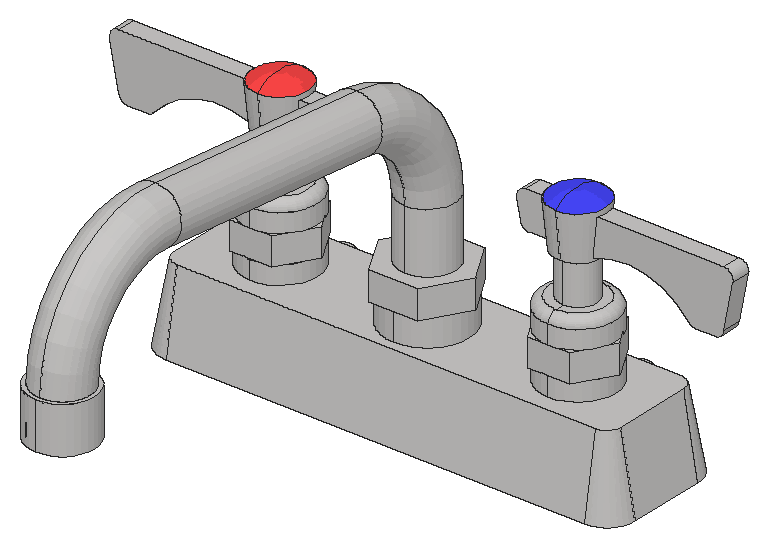
Revit family "Krowne_15-306L_DeckMount_Faucet", category Plumbing Fixtures, Revit 2018
Family settings
  Round Connector Dimension = Use Diameter
  Part Type = Normal
  OmniClass Number = 23.40.40.00
  OmniClass Title = Food Service Equipment and Furnishings
  Work Plane-Based = No
  Always vertical = Yes
  Cut with Voids When Loaded = No
  Shared = No
  Room Calculation Point = No
Parameters (values of type "DefaultType")
  Width = 8 3/8"
  Weight in Pounds = 5
  Watermarked By = ""
  Waste Water Discharge Temperature [instance] = -459.67 °F
  URL Cutsheet = ""
  URL = "https://krowne.com/"
  Status [instance] = ""
  Specification by User [instance] = ""
  Specification by Manufacturer [instance] = ""
  Serial Number [instance] = ""
  Revision Code [instance] = ""
  Plumbing Remarks [instance] = ""
  Plumbing Connection Type = ""
  NAFEM Spec ID Number [instance] = ""
  Model = "15-306L"
  Masterspec [instance] = ""
  Manufacturer = "Krowne Metal"
  KCLRef = "KCL2C9,,0004c580-0000-0000-0000-000000000307,KR,15-306L ,637100808400000000,29c9e2ba-deea-4963-a9a2-6b6f974a1116,c0e1f07a-0dc5-4ae3-bba1-95495b9c3335"
  KCL SpecSheet URL = "http://kclweb.kclcad.com/imagehandler.ashx?kdoc=15-3xxl&R=KR&M=15-306L%20&VC=7&TID=KCLWeb&T=doc"
  Item Number [instance] = "-"
  Installed By [instance] = ""
  Hot Water Temperature = 100 °F
  Hot Water Size = 1/2"
  Hot Water RI Height [instance] = 0"
  Hot Water Minimum Pressure = 0.00 psi
  Hot Water Maximum Pressure = 0.00 psi
  Hot Water Flow = 1.8 GPM
  Hot Water Consumption = 0 GPM
  Hot Water Connection Height = 0"
  Height = 3 3/8"
  Furnished By [instance] = ""
  Foodservice Equipment Identifier = yes
  Description = "Deck Mount Faucet"
  Depth = 1 7/8"
  Cold Water Temperature Recommended = -459.67 °F
  Cold Water Size = 1/2"
  Cold Water RI Height [instance] = 0"
  Cold Water Minimum Pressure = 0.00 psi
  Cold Water Maximum Pressure = 0.00 psi
  Cold Water Flow = 1.8 GPM
  Cold Water Consumption = ""
  Cold Water Connection Height = 0"
  CSI MasterFormat = ""
  Assembly Code = "E1090300"
Reference planes (in)
  plane 1 "BACK": y = 0
  plane 2: z = 0
  plane 3 "LEFT": x = -16.75323
  plane 4 "RIGHT": x = -8.37823
  plane 5 "FRONT": y = -1.875
  plane 6 "TOP": z = 3.375
  plane 7 "CENTER L/R": x = -12.56573
  plane 8 "Top of Body": z = 1.0625
  plane 9: y = -0.9375
  plane 10: z = 2.375
  plane 11: y = -7.0625
  plane 12: z = 4.75
Forms (in)
  Sweep 1, solid, material "QF_Stainless-Polished"
    path origin (-12.56573, 0, 0) x (0, 1, 0) y (0, 0, 1)
      loop
        line (-0.9375, 1.0625) -> (-0.9375, 2.61985)
        arc (-0.9375, 2.61985) -> (-1.28795, 3.53687) -> (-2.16066, 3.98644) r 1.375
        line (-2.16066, 3.98644) -> (-5.53566, 4.36144)
        arc (-5.53566, 4.36144) -> (-6.60452, 4.0194) -> (-7.0625, 2.99485) r 1.375
        line (-7.0625, 2.99485) -> (-7.0625, 2.375)
    profile origin (-12.56573, -0.9375, 1.84117) x (0, -1, 0) y (1, 0, 0)
      loop
        circle (0, 0) r 0.375
      loop
        circle (0, 0) r 0.25
  Extrusion 2, solid, material "QF_Stainless-Polished"
    sketch origin (0, 0, 1.0625) x (0, 1, 0) y (-1, 0, 0)
      loop
        circle (-0.9375, 12.56573) r 0.375
      loop
        circle (-0.9375, 12.56573) r 0.4375
    from 0 to 0.625
  Extrusion 3, solid, material "QF_Stainless-Polished"
    sketch origin (0, 0, 1.0625) x (0, 1, 0) y (-1, 0, 0)
      loop
        circle (-0.9375, 12.56573) r 0.5625
      loop
        circle (-0.9375, 12.56573) r 0.375
    from 0 to 0.375
  Extrusion 4, solid, material "QF_Stainless-Polished"
    sketch origin (0, 0, 1.4375) x (0, 1, 0) y (-1, 0, 0)
      loop
        line (-0.9375, 11.91391) -> (-0.37301, 12.23982) -> (-0.37301, 12.89163) -> (-0.9375, 13.21754) -> (-1.50199, 12.89163) -> (-1.50199, 12.23982) -> (-0.9375, 11.91391)
      loop
        circle (-0.9375, 12.56573) r 0.375
    from 0 to 0.375
  Extrusion 5, solid, material "QF_Stainless-Polished"
    sketch origin (-12.56573, -7.0625, 2.375) x (0, -1, 0) y (-1, 0, 0)
      loop
        circle (0, 0) r 0.375
      loop
        circle (0, 0) r 0.4375
    from 0 to -0.625
Lines and regions (in)
  symbolic lines
    curve 1: line (-12.23982, -0.37301, 0) -> (-12.89163, -0.37301, 0)
    curve 2: line (-12.89163, -0.37301, 0) -> (-13.21754, -0.9375, 0)
    curve 3: line (-13.21754, -0.9375, 0) -> (-12.94073, -1.41696, 0)
    curve 4: line (-12.19073, -1.41696, 0) -> (-11.91391, -0.9375, 0)
    curve 5: line (-11.91391, -0.9375, 0) -> (-12.23982, -0.37301, 0)
    curve 6: arc (-12.56573, -1.3125, 0) -> (-12.94073, -0.9375, 0) -> (-12.56573, -0.5625, 0) r 0.375
    curve 7: arc (-12.56573, -0.5625, 0) -> (-12.19073, -0.9375, 0) -> (-12.56573, -1.3125, 0) r 0.375
    curve 8: arc (-12.94073, -7.0625, 0) -> (-12.83089, -7.32767, 0) -> (-12.56573, -7.4375, 0) r 0.375
    curve 9: arc (-12.56573, -7.4375, 0) -> (-12.30056, -7.32767, 0) -> (-12.19073, -7.0625, 0) r 0.375
    curve 10: line (-12.94073, -7.0625, 0) -> (-12.94073, -0.9375, 0)
    curve 11: line (-12.19073, -0.9375, 0) -> (-12.19073, -7.0625, 0)
Dimensions and locks (in)
  "Width": plane 3 "LEFT" to plane 4 "RIGHT"
  "Depth": plane 5 "FRONT" to plane 1 "BACK"
  "Height": plane 6 "TOP" to plane 2
  plane 8 "Top of Body" to level = 1 1/16"
  equal spacing: plane 5 "FRONT", plane 9, plane 1 "BACK"
  equal spacing: plane 3 "LEFT", plane 7 "CENTER L/R", plane 4 "RIGHT"
  plane 10 to plane 8 "Top of Body" = 1 5/16"
  plane 11 to plane 1 "BACK" = 7 1/16"
  plane 12 to plane 8 "Top of Body" = 3 11/16"
  aligned and locked: level to plane 2
  aligned and locked: plane 9 to Sweep 1 sketch curve
  aligned and locked: Sweep 1 sketch curve to plane 11
  aligned and locked: plane 10 to Sweep 1 sketch curve
Automatic sketch dimensions
  Sweep 1 sketch curve to Sweep 1 sketch curve = 0"  (x2)
  Sweep 1 sketch curve to plane 7 "CENTER L/R" = 0"
  Sweep 1 sketch curve to profile plane = 0"
  Extrusion 2 sketch curve to Extrusion 2 sketch curve = 0"  (x2)
  Extrusion 2 sketch curve to plane 7 "CENTER L/R" = 0"
  plane 9 to Extrusion 2 sketch curve = 0"
  Extrusion 4 sketch curve to Extrusion 4 sketch curve = 0"  (x2)
  Extrusion 4 sketch curve to Extrusion 4 sketch curve = 0.56449"  (x2)
  Extrusion 4 sketch curve to Extrusion 4 sketch curve = 0.32591"  (x5)
  Extrusion 4 sketch curve to Extrusion 4 sketch curve = 0.65182"
  curve 8 to curve 9 = 0"
  plane 9 to curve 2 = 0"
  plane 11 to curve 10 = 0"
  plane 9 to curve 10 = 0"
  curve 6 to plane 7 "CENTER L/R" = 0"
  plane 9 to curve 11 = 0"
  plane 9 to curve 4 = 0"
  plane 9 to curve 6 = 0"
  curve 1 to plane 7 "CENTER L/R" = 0.32591"
  curve 10 to curve 8 = 3/8"
  curve 3 to curve 10 = 0.27682"
  plane 7 "CENTER L/R" to curve 5 = 0.32591"
  curve 11 to curve 4 = 0.27682"
  plane 1 "BACK" to curve 1 = 0.37301"
  curve 3 to curve 6 = 0.10446"
  curve 4 to curve 6 = 0.10446"
  Extrusion 3 sketch curve to Extrusion 3 sketch curve = 0"  (x2)
  Extrusion 3 sketch curve to plane 7 "CENTER L/R" = 0"
  plane 9 to Extrusion 3 sketch curve = 0"
  Sweep 1 sketch curve to plane 8 "Top of Body" = 0"
  Sweep 1 sketch curve to plane 6 "TOP" = 0.38015"
  Sweep 1 sketch curve to plane 12 = 0.38856"
  Sweep 1 sketch curve to Sweep 1 sketch curve = 0.15184"
  plane 5 "FRONT" to Sweep 1 sketch curve = 7/16"
  plane 5 "FRONT" to Sweep 1 sketch curve = 0.28566"
  plane 10 to Sweep 1 sketch curve = 0.24485"
  radius of Sweep 1 sketch curve = 3/8"
  radius of Sweep 1 sketch curve = 1/4"
  radius of Extrusion 2 sketch curve = 3/8"
  radius of Extrusion 2 sketch curve = 7/16"
  radius of Extrusion 4 sketch curve to Extrusion 3 = 0"
  radius of Extrusion 5 sketch curve to Sweep 1 = 0"
  radius of Sweep 1 to Extrusion 5 sketch curve = 1/16"
  radius of Extrusion 3 sketch curve = 9/16"
  radius of Extrusion 3 sketch curve = 3/8"
Nested families (in)
  nested 1: "QF_Krowne_15-3_Body" at (-0.1875, 0, 0), type "QF_Krowne_15-3_Body"
Connectors (in)
  piping at (-14.56573, 0.25, 0.53125), diameter 0.5, driven by "Hot Water Flow", driven by "Hot Water Size"
    settings: on nested 1, index 1, connector inside diameter 24", connector length 0", flow factor 0, pipe flow 1.8 GPM, pressure drop 0.00 psi, fitting loss kfactor 0, connector angle 0.00°, fixture units 0, engagement length 0", angle of deflection 0.00°, flow configuration 1, flow direction 1, fitting loss method 0, system type 19, joint type 0, gender type 0, connector reference index -1, connector utility 0, adjustable connector no, is connector primary yes, connector description "HOT WATER"
  piping at (-10.56573, 0.25, 0.53125), diameter 0.5, driven by "Cold Water Flow", driven by "Cold Water Size"
    settings: on nested 1, index 2, connector inside diameter 24", connector length 0", flow factor 0, pipe flow 1.8 GPM, pressure drop 0.00 psi, fitting loss kfactor 0, connector angle 0.00°, fixture units 0, engagement length 0", angle of deflection 0.00°, flow configuration 1, flow direction 1, fitting loss method 0, system type 20, joint type 0, gender type 0, connector reference index -1, connector utility 0, adjustable connector no, is connector primary no, connector description "COLD WATER"
Definition of nested family "QF_Krowne_15-3_Body"
  Parameters (values of type "QF_Krowne_15-3_Body")
    Width = 8 5/16"
    Watermarked By = ""
    Height = 3 7/8"
    Description = ""
    Depth = 1 13/16"
  Reference planes (in)
    plane 1 "BACK": y = 0
    plane 2: z = 0
    plane 3 "LEFT": x = -16.53448
    plane 4 "RIGHT": x = -8.22198
    plane 5 "TOP": z = 3.1875
    plane 6 "Center": x = -12.37823
    plane 7 "Left of Handle": x = -14.37823
    plane 8 "Right of Handle": x = -10.37823
    plane 9 "Top of Body": z = 1.0625
    plane 10 "FRONT": y = -1.8125
    plane 11: x = -15.56573
    plane 12: x = -9.19073
    plane 13 "Faucet Handle Center": y = -0.90625
    plane 14: y = -0.78125
    plane 15: y = -1.03125
    plane 16: z = 0.53125
    plane 17: z = 3.375
  Forms (in)
    Blend 1, solid
      base sketch origin (0, 0, 0) x (1, 0, 0) y (0, 1, 0)
        loop
          line (-15.19073, -1.8125) -> (-9.56573, -1.8125)
          arc (-9.56573, -1.8125) -> (-9.30056, -1.70267) -> (-9.19073, -1.4375) r 0.375
          line (-9.19073, -1.4375) -> (-9.19073, -0.375)
          arc (-9.19073, -0.375) -> (-9.30056, -0.10983) -> (-9.56573, 0) r 0.375
          line (-9.56573, 0) -> (-15.19073, 0)
          arc (-15.19073, 0) -> (-15.45589, -0.10983) -> (-15.56573, -0.375) r 0.375
          line (-15.56573, -0.375) -> (-15.56573, -1.4375)
          arc (-15.56573, -1.4375) -> (-15.45589, -1.70267) -> (-15.19073, -1.8125) r 0.375
      top sketch origin (0, 0, 0) x (1, 0, 0) y (0, 1, 0)
        loop
          arc (-15.37823, -1.4375) -> (-15.32331, -1.57008) -> (-15.19073, -1.625) r 0.1875
          line (-15.19073, -1.625) -> (-9.56573, -1.625)
          arc (-9.56573, -1.625) -> (-9.43314, -1.57008) -> (-9.37823, -1.4375) r 0.1875
          line (-9.37823, -1.4375) -> (-9.37823, -0.375)
          arc (-9.37823, -0.375) -> (-9.43314, -0.24242) -> (-9.56573, -0.1875) r 0.1875
          line (-9.56573, -0.1875) -> (-15.19073, -0.1875)
          arc (-15.19073, -0.1875) -> (-15.32331, -0.24242) -> (-15.37823, -0.375) r 0.1875
          line (-15.37823, -0.375) -> (-15.37823, -1.4375)
      from 0 to 1.0625
    Extrusion 2, solid
      sketch origin (0, 0, 1.0625) x (0, 1, 0) y (-1, 0, 0)
        loop
          circle (-0.90625, 14.37823) r 0.5
        loop
          circle (-0.90625, 10.37823) r 0.5
      from 0 to 0.25
    Extrusion 3, solid
      sketch origin (0, 0, 1.3125) x (0, 1, 0) y (-1, 0, 0)
        loop
          line (-0.90625, 13.81573) -> (-0.41911, 14.09698) -> (-0.41911, 14.65948) -> (-0.90625, 14.94073) -> (-1.39339, 14.65948) -> (-1.39339, 14.09698) -> (-0.90625, 13.81573)
        loop
          line (-0.90625, 9.81573) -> (-0.41911, 10.09698) -> (-0.41911, 10.65948) -> (-0.90625, 10.94073) -> (-1.39339, 10.65948) -> (-1.39339, 10.09698) -> (-0.90625, 9.81573)
      from 0 to 0.375
    Revolve 4, solid
      sketch origin (-14.37823, 0, 0) x (0, 1, 0) y (0, 0, 1)
        loop
          line (-0.90625, 1.6875) -> (-0.40625, 1.6875) -> (-0.40625, 1.9375)
          arc (-0.40625, 1.9375) -> (-0.44286, 2.02589) -> (-0.53125, 2.0625) r 0.125
          line (-0.53125, 2.0625) -> (-0.90625, 2.0625) -> (-0.90625, 1.6875)
        axis (-0.90625, 1.6875) -> (-0.90625, 2.0625)
      angle from 0 to 360
    Revolve 5, solid
      sketch origin (-10.37823, 0, 0) x (0, 1, 0) y (0, 0, 1)
        loop
          line (-0.90625, 1.6875) -> (-0.40625, 1.6875) -> (-0.40625, 1.9375)
          arc (-0.40625, 1.9375) -> (-0.44286, 2.02589) -> (-0.53125, 2.0625) r 0.125
          line (-0.53125, 2.0625) -> (-0.90625, 2.0625) -> (-0.90625, 1.6875)
        axis (-0.90625, 1.6875) -> (-0.90625, 2.0625)
      angle from 0 to 360
    Revolve 6, solid
      sketch origin (-10.37823, 0, 0) x (0, 1, 0) y (0, 0, 1)
        loop
          line (-0.90625, 2.0625) -> (-0.65625, 2.0625) -> (-0.65625, 2.625) -> (-0.90625, 2.625) -> (-0.90625, 2.0625)
        axis (-0.90625, 2.0625) -> (-0.90625, 2.625)
      angle from 0 to 360
    Revolve 7, solid
      sketch origin (-14.37823, 0, 0) x (0, 1, 0) y (0, 0, 1)
        loop
          line (-0.90625, 2.0625) -> (-0.65625, 2.0625) -> (-0.65625, 2.625) -> (-0.90625, 2.625) -> (-0.90625, 2.0625)
        axis (-0.90625, 2.0625) -> (-0.90625, 2.625)
      angle from 0 to 360
    Revolve 8, solid
      sketch origin (-14.37823, 0, 0) x (0, 1, 0) y (0, 0, 1)
        loop
          line (-0.90625, 2.625) -> (-0.59375, 2.625) -> (-0.53125, 3.25) -> (-0.90625, 3.25) -> (-0.90625, 2.625)
        axis (-0.90625, 2.625) -> (-0.90625, 3.25)
      angle from 0 to 360
    Revolve 9, solid
      sketch origin (-10.37823, 0, 0) x (0, 1, 0) y (0, 0, 1)
        loop
          line (-0.90625, 2.625) -> (-0.59375, 2.625) -> (-0.53125, 3.25) -> (-0.90625, 3.25) -> (-0.90625, 2.625)
        axis (-0.90625, 2.625) -> (-0.90625, 3.25)
      angle from 0 to 360
    Revolve 10, solid
      sketch origin (-14.37823, 0, 0) x (0, 1, 0) y (0, 0, 1)
        loop
          line (-0.90625, 3.25) -> (-0.53125, 3.25)
          arc (-0.53125, 3.25) -> (-0.70704, 3.34763) -> (-0.90625, 3.375) r 0.54601
          line (-0.90625, 3.375) -> (-0.90625, 3.25)
        axis (-0.90625, 3.25) -> (-0.90625, 3.375)
      angle from 0 to 360
    Revolve 11, solid
      sketch origin (-10.37823, 0, 0) x (0, 1, 0) y (0, 0, 1)
        loop
          line (-0.90625, 3.25) -> (-0.53125, 3.25)
          arc (-0.53125, 3.25) -> (-0.70704, 3.34763) -> (-0.90625, 3.375) r 0.54601
          line (-0.90625, 3.375) -> (-0.90625, 3.25)
        axis (-0.90625, 3.25) -> (-0.90625, 3.375)
      angle from 0 to 360
    Extrusion 12, solid
      sketch origin (0, 0, 0) x (1, 0, 0) y (0, 0, 1)
        loop
          circle (-14.37823, 0.53125) r 0.25
        loop
          circle (-10.37823, 0.53125) r 0.25
      from 0.21074 to -0.25
    Extrusion 13, solid
      sketch origin (0, -0.90625, 0) x (1, 0, 0) y (0, 0, 1)
        loop
          arc (-16.43825, 3.1875) -> (-16.53492, 3.14175) -> (-16.56082, 3.03799) r 0.125
          line (-16.56082, 3.03799) -> (-16.43584, 2.41303)
          arc (-16.43584, 2.41303) -> (-16.39251, 2.34087) -> (-16.31326, 2.31254) r 0.125
          line (-16.31326, 2.31254) -> (-16.06338, 2.31254)
          arc (-16.06338, 2.31254) -> (-16.01059, 2.32423) -> (-15.96768, 2.35712) r 0.125
          arc (-15.96768, 2.35712) -> (-15.39497, 2.72229) -> (-14.7163, 2.69449) r 1.13354
          arc (-14.7163, 2.69449) -> (-14.69547, 2.68898) -> (-14.674, 2.68712) r 0.125
          line (-14.674, 2.68712) -> (-13.83077, 2.68712)
          arc (-13.83077, 2.68712) -> (-13.75152, 2.71545) -> (-13.7082, 2.78761) r 0.125
          line (-13.7082, 2.78761) -> (-13.65813, 3.03799)
          arc (-13.65813, 3.03799) -> (-13.68403, 3.14175) -> (-13.7807, 3.1875) r 0.125
          line (-13.7807, 3.1875) -> (-16.43825, 3.1875)
        loop
          line (-8.3182, 3.1875) -> (-10.97575, 3.1875)
          arc (-10.97575, 3.1875) -> (-11.07242, 3.14175) -> (-11.09832, 3.03799) r 0.125
          line (-11.09832, 3.03799) -> (-11.04825, 2.78761)
          arc (-11.04825, 2.78761) -> (-11.00493, 2.71545) -> (-10.92568, 2.68712) r 0.125
          line (-10.92568, 2.68712) -> (-10.08245, 2.68712)
          arc (-10.08245, 2.68712) -> (-10.06098, 2.68898) -> (-10.04015, 2.69449) r 0.125
          arc (-10.04015, 2.69449) -> (-9.36148, 2.72229) -> (-8.78877, 2.35712) r 1.13354
          arc (-8.78877, 2.35712) -> (-8.74586, 2.32423) -> (-8.69307, 2.31254) r 0.125
          line (-8.69307, 2.31254) -> (-8.44319, 2.31254)
          arc (-8.44319, 2.31254) -> (-8.36394, 2.34087) -> (-8.32061, 2.41303) r 0.125
          line (-8.32061, 2.41303) -> (-8.19563, 3.03799)
          arc (-8.19563, 3.03799) -> (-8.22153, 3.14175) -> (-8.3182, 3.1875) r 0.125
      from -0.125 to 0.125
  Lines and regions (in)
    symbolic lines
      curve 1: line (-16.56082, -0.78125, 1.0625) -> (-13.6557, -0.78125, 1.0625)
      curve 2: line (-16.56082, -1.03125, 1.0625) -> (-16.56082, -0.78125, 1.0625)
      curve 3: line (-13.6557, -1.03125, 1.0625) -> (-16.56082, -1.03125, 1.0625)
      curve 4: line (-13.6557, -0.78125, 1.0625) -> (-13.6557, -1.03125, 1.0625)
      curve 5: line (-8.22198, -0.78125, 1.0625) -> (-11.10075, -0.78125, 1.0625)
      curve 6: line (-8.22198, -1.03125, 1.0625) -> (-8.22198, -0.78125, 1.0625)
      curve 7: line (-11.10075, -1.03125, 1.0625) -> (-8.22198, -1.03125, 1.0625)
      curve 8: line (-11.10075, -0.78125, 1.0625) -> (-11.10075, -1.03125, 1.0625)
      curve 9: line (-9.56573, 0, 1.0625) -> (-15.19073, 0, 1.0625)
      curve 10: line (-9.19073, -1.4375, 1.0625) -> (-9.19073, -1.03125, 1.0625)
      curve 11: line (-15.19073, -1.8125, 1.0625) -> (-9.56573, -1.8125, 1.0625)
      curve 12: line (-15.56573, -0.375, 1.0625) -> (-15.56573, -0.78125, 1.0625)
      curve 13: line (-15.56573, -1.03125, 1.0625) -> (-15.56573, -1.4375, 1.0625)
      curve 14: line (-9.19073, -0.78125, 1.0625) -> (-9.19073, -0.375, 1.0625)
      curve 15: line (-14.65948, -0.41911, 1.0625) -> (-14.86856, -0.78125, 1.0625)
      curve 16: line (-14.65948, -0.41911, 1.0625) -> (-14.09698, -0.41911, 1.0625)
      curve 17: line (-14.09698, -0.41911, 1.0625) -> (-13.88789, -0.78125, 1.0625)
      curve 18: line (-14.09698, -1.39339, 1.0625) -> (-14.65948, -1.39339, 1.0625)
      curve 19: line (-14.65948, -1.39339, 1.0625) -> (-14.86856, -1.03125, 1.0625)
      curve 20: line (-14.09698, -1.39339, 1.0625) -> (-13.88789, -1.03125, 1.0625)
      curve 21: line (-10.65948, -0.41911, 1.0625) -> (-10.09698, -0.41911, 1.0625)
      curve 22: line (-10.09698, -0.41911, 1.0625) -> (-9.88789, -0.78125, 1.0625)
      curve 23: line (-10.65948, -0.41911, 1.0625) -> (-10.86856, -0.78125, 1.0625)
      curve 24: line (-10.09698, -1.39339, 1.0625) -> (-10.65948, -1.39339, 1.0625)
      curve 25: line (-10.65948, -1.39339, 1.0625) -> (-10.86856, -1.03125, 1.0625)
      curve 26: line (-10.09698, -1.39339, 1.0625) -> (-9.88789, -1.03125, 1.0625)
      curve 27: arc (-15.56573, -0.375, 1.0625) -> (-15.45589, -0.10983, 1.0625) -> (-15.19073, 0, 1.0625) r 0.375
      curve 28: arc (-9.19073, -0.375, 1.0625) -> (-9.30056, -0.10983, 1.0625) -> (-9.56573, 0, 1.0625) r 0.375
      curve 29: arc (-9.19073, -1.4375, 1.0625) -> (-9.30056, -1.70267, 1.0625) -> (-9.56573, -1.8125, 1.0625) r 0.375
      curve 30: arc (-15.19073, -1.8125, 1.0625) -> (-15.45589, -1.70267, 1.0625) -> (-15.56573, -1.4375, 1.0625) r 0.375
      curve 31: line (-9.56573, -0.1875, 1.0625) -> (-15.19073, -0.1875, 1.0625)
      curve 32: arc (-15.19073, -0.1875, 1.0625) -> (-15.32331, -0.24242, 1.0625) -> (-15.37823, -0.375, 1.0625) r 0.1875
      curve 33: arc (-15.37823, -1.4375, 1.0625) -> (-15.32331, -1.57008, 1.0625) -> (-15.19073, -1.625, 1.0625) r 0.1875
      curve 34: line (-15.19073, -1.625, 1.0625) -> (-9.56573, -1.625, 1.0625)
      curve 35: arc (-9.56573, -1.625, 1.0625) -> (-9.43314, -1.57008, 1.0625) -> (-9.37823, -1.4375, 1.0625) r 0.1875
      curve 36: arc (-9.37823, -0.375, 1.0625) -> (-9.43314, -0.24242, 1.0625) -> (-9.56573, -0.1875, 1.0625) r 0.1875
      curve 37: line (-9.37823, -0.375, 1.0625) -> (-9.37823, -0.78125, 1.0625)
      curve 38: line (-9.37823, -1.4375, 1.0625) -> (-9.37823, -1.03125, 1.0625)
      curve 39: line (-15.37823, -1.4375, 1.0625) -> (-15.37823, -1.03125, 1.0625)
      curve 40: line (-15.37823, -0.375, 1.0625) -> (-15.37823, -0.78125, 1.0625)
  Dimensions and locks (in)
    "Width": plane 3 "LEFT" to plane 4 "RIGHT"
    equal spacing: plane 3 "LEFT", plane 6 "Center", plane 4 "RIGHT"
    equal spacing: plane 7 "Left of Handle", plane 6 "Center", plane 8 "Right of Handle"
    plane 9 "Top of Body" to level = 1 1/16"
    equal spacing: plane 10 "FRONT", plane 13 "Faucet Handle Center", plane 1 "BACK"
    equal spacing: plane 15, plane 13 "Faucet Handle Center", plane 14
    locked: plane 15 to plane 14 at 0.25
    equal spacing: plane 9 "Top of Body", plane 16, level
    plane 7 "Left of Handle" to plane 8 "Right of Handle" = 4"
    "Depth": plane 10 "FRONT" to plane 1 "BACK"
    plane 6 "Center" to plane 12 = 3 3/16"
    plane 11 to plane 6 "Center" = 3 3/16"
    plane 5 "TOP" to level = 3 3/16"
    plane 17 to level = 3 3/8"
    aligned and locked: level to plane 2
    aligned and locked: plane 9 "Top of Body" to Blend 1
    aligned and locked: Extrusion 3 to Revolve 5 sketch curve
    aligned and locked: Revolve 8 sketch curve to Revolve 8 sketch curve
    aligned and locked: Revolve 9 sketch curve to Revolve 9 sketch curve
    aligned and locked: plane 4 "RIGHT" to curve 6
    aligned and locked: curve 12 to plane 11
    aligned and locked: Extrusion 13 sketch curve to plane 5 "TOP"
    aligned and locked: plane 5 "TOP" to Extrusion 13 sketch curve
    aligned and locked: Extrusion 13 to plane 14
    aligned and locked: plane 15 to Extrusion 13
    aligned and locked: plane 10 "FRONT" to Blend 1 sketch curve
    aligned and locked: Blend 1 sketch curve to plane 11
    aligned and locked: plane 10 "FRONT" to curve 11
    aligned and locked: plane 13 "Faucet Handle Center" to Revolve 5 sketch curve
  Automatic sketch dimensions
    Extrusion 2 sketch curve to plane 8 "Right of Handle" = 0"
    plane 13 "Faucet Handle Center" to Extrusion 2 sketch curve = 0"  (x2)
    Extrusion 2 sketch curve to plane 7 "Left of Handle" = 0"
    Revolve 4 sketch curve to plane 13 "Faucet Handle Center" = 0"  (x2)
    Revolve 4 sketch curve to Revolve 4 sketch curve = 3/8"
    Revolve 4 sketch curve to Revolve 4 sketch curve = 1/8"
    plane 9 "Top of Body" to Revolve 4 sketch curve = 5/8"
    Revolve 4 sketch curve to Revolve 4 sketch curve = 1/4"
    Revolve 4 sketch curve to Revolve 4 sketch curve = 0"  (x2)
    Revolve 5 sketch curve to plane 13 "Faucet Handle Center" = 0"
    Revolve 5 sketch curve to Revolve 5 sketch curve = 3/8"
    Revolve 5 sketch curve to Revolve 5 sketch curve = 1/8"
    Revolve 5 sketch curve to Revolve 5 sketch curve = 0"  (x2)
    Revolve 5 sketch curve to Revolve 5 sketch curve = 1/4"
    Revolve 6 sketch curve to plane 13 "Faucet Handle Center" = 0"  (x2)
    Revolve 6 sketch curve to plane 13 "Faucet Handle Center" = 1/4"
    plane 9 "Top of Body" to Revolve 6 sketch curve = 1"
    Revolve 6 sketch curve to Revolve 6 sketch curve = 9/16"
    Revolve 6 sketch curve to Revolve 6 sketch curve = 3/8"
    Revolve 6 sketch curve to Revolve 6 sketch curve = 0"
    Revolve 7 sketch curve to plane 13 "Faucet Handle Center" = 0"  (x2)
    Revolve 7 sketch curve to Revolve 7 sketch curve = 1/4"
    plane 9 "Top of Body" to Revolve 7 sketch curve = 1"
    Revolve 7 sketch curve to Revolve 7 sketch curve = 9/16"
    Revolve 7 sketch curve to Revolve 7 sketch curve = 3/8"
    Revolve 7 sketch curve to Revolve 7 sketch curve = 0"
    Revolve 8 sketch curve to plane 13 "Faucet Handle Center" = 0"
    Revolve 8 sketch curve to Revolve 8 sketch curve = 5/16"
    plane 5 "TOP" to Revolve 8 sketch curve = 1/16"
    Revolve 8 sketch curve to Revolve 8 sketch curve = 3/8"
    Revolve 8 sketch curve to plane 5 "TOP" = 9/16"
    Revolve 8 sketch curve to Revolve 8 sketch curve = 0"  (x2)
    Revolve 9 sketch curve to plane 13 "Faucet Handle Center" = 0"
    Revolve 9 sketch curve to plane 13 "Faucet Handle Center" = 5/16"
    plane 5 "TOP" to Revolve 9 sketch curve = 1/16"
    Revolve 9 sketch curve to plane 13 "Faucet Handle Center" = 3/8"
    Revolve 9 sketch curve to plane 5 "TOP" = 9/16"
    Revolve 9 sketch curve to Revolve 9 sketch curve = 0"  (x2)
    Revolve 10 sketch curve to plane 13 "Faucet Handle Center" = 0"  (x2)
    Revolve 10 sketch curve to plane 13 "Faucet Handle Center" = 0.02655"
    plane 5 "TOP" to Revolve 10 sketch curve = 1/16"
    Revolve 10 sketch curve to Revolve 10 sketch curve = 3/8"
    Revolve 10 sketch curve to plane 5 "TOP" = 0.35786"
    Revolve 10 sketch curve to Revolve 10 sketch curve = 0"  (x2)
    Revolve 11 sketch curve to plane 13 "Faucet Handle Center" = 0"  (x2)
    Revolve 11 sketch curve to plane 13 "Faucet Handle Center" = 0.02655"
    plane 5 "TOP" to Revolve 11 sketch curve = 1/16"
    Revolve 11 sketch curve to Revolve 11 sketch curve = 3/8"
    Revolve 11 sketch curve to plane 5 "TOP" = 0.35786"
    Revolve 11 sketch curve to Revolve 11 sketch curve = 0"  (x2)
    Extrusion 12 sketch curve to plane 7 "Left of Handle" = 0"
    Extrusion 12 sketch curve to plane 8 "Right of Handle" = 0"
    Extrusion 12 sketch curve to plane 16 = 0"  (x2)
    Extrusion 13 sketch curve to plane 7 "Left of Handle" = 0.29578"
    plane 11 to Extrusion 13 sketch curve = 0.46583"
    plane 3 "LEFT" to Extrusion 13 sketch curve = 0.4711"
    plane 3 "LEFT" to Extrusion 13 sketch curve = 0.22121"
    plane 3 "LEFT" to Extrusion 13 sketch curve = 0.09864"
    plane 3 "LEFT" to Extrusion 13 sketch curve = 0.09623"
    Extrusion 13 sketch curve to plane 3 "LEFT" = 0.02635"
    plane 7 "Left of Handle" to Extrusion 13 sketch curve = 0.54745"
    Extrusion 13 sketch curve to plane 5 "TOP" = 1/8"  (x2)
    Extrusion 13 sketch curve to Extrusion 13 sketch curve = 0.05007"  (x2)
    Extrusion 13 sketch curve to plane 5 "TOP" = 0.39989"
    Extrusion 13 sketch curve to Extrusion 13 sketch curve = 0.12257"  (x2)
    Extrusion 13 sketch curve to plane 5 "TOP" = 0.14951"  (x4)
    Extrusion 13 sketch curve to plane 8 "Right of Handle" = 0.7201"
    plane 8 "Right of Handle" to Extrusion 13 sketch curve = 0.29578"
    Extrusion 13 sketch curve to plane 12 = 0.46583"
    Extrusion 13 sketch curve to plane 4 "RIGHT" = 0.4711"
    Extrusion 13 sketch curve to plane 4 "RIGHT" = 0.22121"
    Extrusion 13 sketch curve to plane 4 "RIGHT" = 0.09864"
    Extrusion 13 sketch curve to plane 4 "RIGHT" = 0.09623"
    plane 4 "RIGHT" to Extrusion 13 sketch curve = 0.02635"
    Extrusion 13 sketch curve to Extrusion 13 sketch curve = 0.25038"
    Extrusion 13 sketch curve to Extrusion 13 sketch curve = 0.10049"  (x2)
    Extrusion 13 sketch curve to plane 5 "TOP" = 0.74996"  (x2)
    Extrusion 13 sketch curve to Extrusion 13 sketch curve = 0"  (x4)
    Extrusion 13 sketch curve to Extrusion 13 sketch curve = 0.02451"  (x2)
    plane 9 "Top of Body" to Extrusion 13 sketch curve = 0.56533"  (x2)
    Extrusion 13 sketch curve to Extrusion 13 sketch curve = 1/8"  (x2)
    plane 11 to Blend 1 sketch curve = 3/8"
    Blend 1 sketch curve to Blend 1 sketch curve = 3/8"
    plane 1 "BACK" to Blend 1 sketch curve = 3/8"  (x2)
    Blend 1 sketch curve to plane 12 = 3/8"
    Blend 1 sketch curve to plane 12 = 3/16"
    Blend 1 sketch curve to Blend 1 sketch curve = 3/16"  (x4)
    plane 11 to Blend 1 sketch curve = 3/16"
    Blend 1 sketch curve to plane 10 "FRONT" = 3/8"
    plane 1 "BACK" to Blend 1 sketch curve = 0"
    Blend 1 sketch curve to plane 12 = 0"
    curve 27 to curve 32 = 0"  (x2)
    curve 28 to curve 36 = 0"  (x2)
    curve 29 to curve 35 = 0"  (x2)
    curve 30 to curve 33 = 0"  (x2)
    curve 30 to plane 11 = 0"
    curve 29 to plane 12 = 0"
    plane 15 to curve 4 = 0"
    plane 15 to curve 26 = 0"
    plane 14 to curve 40 = 0"
    plane 14 to curve 23 = 0"
    curve 14 to plane 12 = 0"
    plane 1 "BACK" to curve 9 = 0"
    curve 34 to plane 10 "FRONT" = 3/16"
    curve 33 to curve 33 = 3/16"
    curve 34 to curve 35 = 3/16"
    plane 15 to curve 26 = 0.36214"
    plane 15 to curve 20 = 0.36214"
    curve 17 to plane 14 = 0.36214"
    curve 23 to plane 14 = 0.36214"
    curve 27 to curve 27 = 3/8"
    plane 1 "BACK" to curve 14 = 3/8"
    curve 31 to curve 28 = 3/16"
    plane 8 "Right of Handle" to curve 22 = 9/32"
    plane 8 "Right of Handle" to curve 24 = 9/32"
    curve 24 to plane 8 "Right of Handle" = 9/32"
    curve 21 to plane 8 "Right of Handle" = 9/32"
    curve 21 to curve 8 = 0.44128"
    plane 7 "Left of Handle" to curve 4 = 0.72253"
    plane 7 "Left of Handle" to curve 20 = 9/32"
    plane 7 "Left of Handle" to curve 17 = 9/32"
    curve 19 to plane 7 "Left of Handle" = 9/32"
    curve 16 to plane 7 "Left of Handle" = 9/32"
    curve 2 to plane 3 "LEFT" = 0.02635"
    curve 22 to curve 21 = 0.20908"
    curve 26 to curve 22 = 0"
    curve 23 to curve 5 = 0.2322"
    curve 25 to curve 7 = 0.2322"
    curve 3 to curve 20 = 0.2322"
    curve 1 to curve 17 = 0.2322"
    curve 18 to curve 19 = 0.20908"
    curve 15 to curve 19 = 0"
    Extrusion 3 sketch curve to Extrusion 3 sketch curve = 0"
    Extrusion 3 sketch curve to Extrusion 3 sketch curve = 0.48714"  (x6)
    Extrusion 3 sketch curve to Extrusion 3 sketch curve = 9/32"  (x6)
    Extrusion 3 sketch curve to Extrusion 3 sketch curve = 9/16"  (x4)
    Extrusion 3 sketch curve to Extrusion 3 sketch curve = 2 7/8"
    radius of Extrusion 2 sketch curve = 1/2"  (x2)
    radius of Extrusion 12 sketch curve = 1/4"  (x2)
